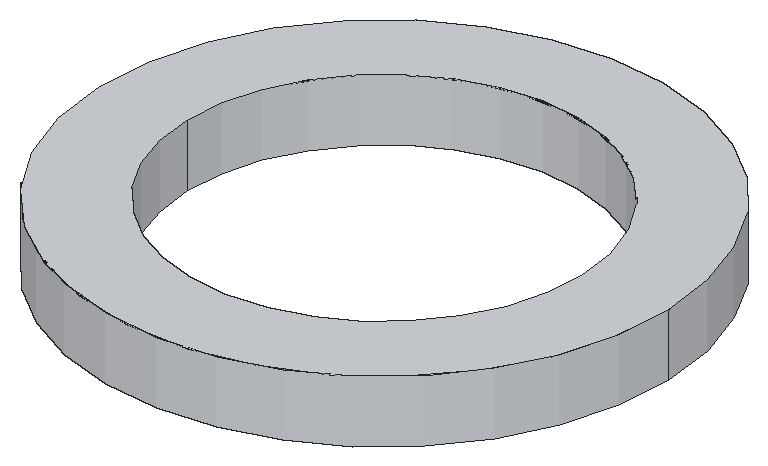
Revit family "LR2", category Generic Models, Revit 2017
Family settings
  Can host rebar = No
  Round Connector Dimension = Use Diameter
  Part Type = Normal
  Work Plane-Based = Yes
  Always vertical = No
  Cut with Voids When Loaded = No
  Shared = No
  Room Calculation Point = No
Parameters (values of type "NBS Standard Parameters")
  Weight = "0.0116Kg"
  WarrantyStartDate [instance] = "1900-12-31T23:59:59"
  WarrantyGuarantorParts = "n/a"
  WarrantyGuarantorLabor = "n/a"
  WarrantyDurationUnit = "1 year"
  WarrantyDurationParts = "n/a"
  WarrantyDurationLabor = "n/a"
  WarrantyDescription = "n/a"
  Version = "1"
  Uniclass2 = "Pr_65_70_11_20"
  TagNumber [instance] = "n/a"
  SustainabilityPerformance = "n/a"
  Size = "25mm"
  Shape = "Circular"
  SerialNumber [instance] = "n/a"
  Revision = "n/a"
  ReplacementCost = ""
  ProductInformation = "www.metpro.co.uk/pdf/LR2.pdf"
  NominalWidth = 34 mm
  NominalLength = 34 mm
  NominalHeight = 4 mm
  Name = ""
  NBSTypeID = ""
  NBSReference = "90-55-10/460"
  NBSOfficeMasterTag = ""
  NBSNote = ""
  NBSDescription = "Conduit Fittings"
  NBSCertification = ""
  ModelReference = "LR2"
  ModelNumber = "n/a"
  Material = "Steel"
  ManufacturerURL = "www.metpro.co.uk"
  ManufacturerName = "Metpro Ltd"
  Keynote = "Compliant to LU Standard 1-085"
  InstallationDate [instance] = "1900-12-31T23:59:59"
  IfcExportType = ""
  IfcExportAs = ""
  Grade = "n/a"
  Finish = "BZP"
  Features = "n/a"
  ExpectedLife = "n/a"
  DurationUnit = "year"
  Description = "25mm Milled Edge Lockring"
  Default Elevation = 1219.2 mm
  Constituents = "n/a"
  Color = "n/a"
  CodePerformance = "n/a"
  Category = "n/a"
  BarCode [instance] = "n/a"
  BIMObjectName = "Metpro_Metprolibrary_Conduitfittings_Metalcomponent_Steelaccessories"
  Author = "Metpro Ltd"
  AssetType = ""
  AssetIdentifier [instance] = "n/a"
  AccessibilityPerformance = "n/a"
Reference planes
  plane 1 "Center (Front/Back)": y = 0
  plane 2: z = 0
  plane 3 "Center (Left/Right)": x = 0
Forms (mm)
  Extrusion 1, solid
    sketch origin (0, 0, 0) x (1, 0, 0) y (0, 1, 0)
      loop
        circle (0, 0) r 12.5
      loop
        circle (0, 0) r 18
    from 0 to 4
Dimensions and locks
  aligned and locked: level to plane 2
